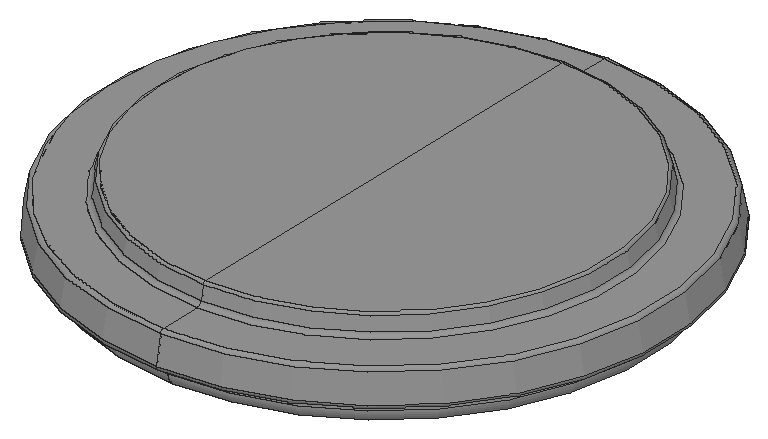
Revit family "FMK12_63_UN_Surface-mounted_ETK", category Lighting Fixtures, Revit 2017 (continued)
Definition of nested family "FMK.1 - Lightsource"
  Types (13, lengths in mm): name | Wattage Comments | Photometric Web File | built-in parameter 1150142 | Apparent Load
      .8598\t146.5115\r\n118.8706\t92.3383\t68.1276\t9.3171\t0\t0\r\n874.5378\t873.9175\t872.3779\t868.9503\t865.1676\t859.9765\t853.6949\t846.5768\t838.0287\t828.8368\r\n818.3167\t806.7896\t794.3636\t780.7231\t765.982\t750.1804\t733.3105\t715.6055\t696.7401\t676.9547\r\n656.4176\t635.157\t613.278\t590.1539\t565.7998\t540.6402\t515.0804\t488.9203\t462.524\t435.1971\r\n407.7246\t379.8676\t352.0546\t322.1473\t291.9089\t261.8783\t232.5325\t203.3486\t174.3388\t147.0682\r\n118.7382\t92.1099\t67.0483\t43.2383\t0\t0\r\n874.5378\t873.9334\t872.4246\t869.3452\t865.2787\t860.0667\t853.7655\t846.6117\t837.9682\t828.5454\r\n818.0558\t806.6887\t794.307\t780.6901\t766.011\t750.3709\t733.4538\t715.8664\t697.1883\t677.4884\r\n656.9203\t635.4375\t613.0895\t590.1056\t566.1701\t541.8378\t516.5027\t490.0542\t462.9828\t435.4052\r\n407.3938\t379.067\t350.3\t321.3812\t292.9522\t263.2956\t232.6391\t202.9178\t174.1166\t145.6013\r\n118.7796\t91.9591\t66.4248\t41.4073\t0\t0\r\n874.5378\t873.947\t872.4625\t869.4116\t865.7616\t860.1917\t853.8846\t846.7134\t837.9955\t828.5499\r\n818.0451\t806.3864\t793.9462\t780.3077\t765.8461\t750.2699\t733.3784\t715.848\t697.1776\t677.5906\r\n657.1561\t635.9826\t613.7896\t590.8444\t566.87\t541.8944\t516.582\t490.5636\t463.7077\t436.7692\r\n408.5758\t379.6875\t350.3553\t320.8016\t291.246\t261.9299\t232.7344\t204.2087\t174.0866\t145.2427\r\n117.7635\t91.6516\t66.4814\t37.4981\t2.8322\t0\r\n874.5378\t873.9582\t872.4918\t869.4632\t865.8595\t860.6426\t854.3434\t847.2064\t838.113\t828.667\r\n818.1733\t806.4333\t793.9155\t780.1986\t765.4431\t749.8349\t732.9491\t715.3369\t696.6975\t677.3617\r\n657.0165\t635.8628\t613.7809\t590.9523\t567.1063\t542.5203\t517.2499\t491.4046\t464.4931\t438.1441\r\n409.014\t380.2252\t351.1283\t321.6166\t291.954\t262.141\t232.0286\t202.521\t173.5147\t145.5857\r\n118.0182\t90.8146\t66.089\t32.9056\t16.0788\t0\r\n874.5378\t873.9669\t872.5119\t869.4994\t865.9235\t860.7336\t854.4679\t847.3617\t838.5356\t829.1396\r\n818.7172\t806.902\t794.3321\t780.5775\t765.5202\t749.8838\t732.9816\t715.2293\t696.5489\t676.9911\r\n656.6095\t635.341\t613.1825\t590.2794\t566.5205\t541.9259\t516.7035\t490.7729\t464.0737\t437.996\r\n409.0361\t380.6701\t351.7751\t322.3888\t292.6678\t262.9546\t233.1098\t203.3714\t173.7676\t145.0215\r\n117.0128\t90.2901\t66.2525\t31.2802\t14.1792\t0\r\n874.5378\t873.9731\t872.5233\t869.5205\t865.9533\t860.7822\t854.5331\t847.4242\t838.6217\t829.2416\r\n818.8479\t807.0426\t794.4546\t780.699\t765.8783\t750.262\t733.3881\t715.5519\t696.8817\t677.3517\r\n656.9619\t635.6228\t613.3851\t590.3905\t566.6775\t541.9891\t516.7234\t490.4951\t463.8178\t436.6018\r\n408.4872\t380.0905\t351.1162\t321.7058\t292.0773\t262.2947\t232.3966\t202.7422\t173.4346\t144.7683\r\n116.9489\t90.1691\t64.9544\t29.757\t11.9206\t8.2894\r\n874.5378\t873.977\t872.5255\t869.5264\t865.9488\t860.7879\t854.5388\t847.3937\t838.6274\t829.223\r\n818.8013\t807.0163\t794.3839\t780.5902\t765.508\t749.8853\t733.0798\t715.2814\t696.6305\t677.1538\r\n656.761\t635.4449\t613.1832\t590.2663\t566.5483\t541.9108\t516.8387\t490.8237\t464.1305\t437.9308\r\n408.9803\t380.5756\t351.6883\t322.2961\t292.7174\t262.9199\t233.06\t203.4103\t173.844\t145.1896\r\n117.1148\t90.3675\t63.427\t27.5124\t15.1312\t0\r\n874.5378\t873.9788\t872.5186\t869.5173\t865.9096\t860.7512\t854.4852\t847.2699\t838.2953\t828.8334\r\n818.342\t806.6627\t794.0228\t780.2256\t765.4141\t749.834\t733.1421\t715.4416\t696.8614\t677.6637\r\n657.3156\t636.06\t613.7774\t590.9371\t567.1891\t542.5667\t517.5589\t491.5417\t464.691\t438.243\r\n409.1526\t380.4136\t351.45\t321.9325\t292.4493\t262.4028\t232.2522\t202.7398\t173.6808\t145.7325\r\n117.9952\t90.7372\t60.352\t33.173\t18.9772\t0\r\n874.5378\t873.9778\t872.5029\t869.493\t865.8362\t860.3544\t854.0989\t846.8077\t838.2698\t828.7984\r\n818.2948\t806.7331\t794.1119\t780.3538\t765.7531\t750.2325\t733.6532\t716.0075\t697.4288\t678.0446\r\n657.6409\t636.3501\t614.022\t591.0646\t567.2182\t542.4063\t517.1673\t490.9688\t464.287\t437.3011\r\n409.0735\t380.035\t350.9205\t321.3021\t291.8372\t262.2846\t233.149\t204.4428\t174.3018\t145.4885\r\n117.9225\t91.6685\t62.5208\t38.0593\t3.4579\t0\r\n874.5378\t873.9746\t872.4784\t869.4538\t865.3784\t860.283\t854.0495\t846.7367\t838.3337\t828.8753\r\n818.3851\t807.1567\t794.5213\t780.7588\t765.9708\t750.4386\t733.8756\t716.1789\t697.5868\t678.1163\r\n657.6119\t636.0367\t613.6703\t590.8022\t567.1021\t542.7619\t517.4401\t490.9663\t463.8758\t436.1167\r\n408.1205\t379.6463\t350.9842\t322.1351\t293.6293\t263.9005\t233.2108\t203.3702\t174.5585\t145.8369\r\n118.8652\t92.1883\t65.722\t42.1865\t0\t0\r\n874.5378\t873.9689\t872.4452\t869.0867\t865.2894\t860.246\t854.0465\t846.7328\t838.4838\t829.2421\r\n818.7199\t807.3816\t794.7066\t780.9222\t766.1144\t750.5594\t733.9659\t716.1432\t697.3688\t677.8244\r\n657.4026\t636.1448\t614.1432\t591.3027\t567.203\t541.7706\t516.3149\t490.0711\t463.6067\t435.926\r\n408.698\t380.8243\t353.0382\t323.0686\t292.7035\t262.6791\t233.3633\t204.0566\t174.7775\t147.3393\r\n119.0712\t92.6315\t67.9046\t45.161\t0\t0\r\n874.5378\t873.9609\t872.4035\t869.0374\t865.2229\t860.2418\t854.0877\t846.7962\t838.8793\t829.4067\r\n818.86\t807.5966\t794.8216\t781.0076\t766.1962\t750.5157\t733.7524\t716.0085\t697.4963\t678.4958\r\n658.0306\t636.3673\t613.1939\t590.1919\t566.1255\t541.3753\t516.2963\t490.5016\t464.4197\t437.3564\r\n410.7641\t381.423\t351.8654\t322.1766\t292.7352\t263.6748\t233.527\t204.2327\t176.2551\t147.0742\r\n119.5606\t93.0248\t68.7803\t9.4833\t0\t0\r\n874.5378\t873.9508\t872.3536\t869.0007\t865.1788\t860.2693\t854.17\t847.0633\t839.0296\t829.5072\r\n819.0503\t807.6609\t794.8623\t781.0041\t766.0112\t750.3218\t733.9679\t716.7867\t698.0525\t678.2815\r\n656.9416\t635.1521\t612.7048\t589.8901\t566.1084\t541.9494\t517.1613\t491.8934\t466.5909\t438.3611\r\n408.9694\t380.5592\t351.8135\t322.867\t293.723\t263.2964\t234.1013\t205.7651\t175.7913\t147.3807\r\n119.7111\t93.5454\t69.2399\t0\t0\t0\r\n874.5378\t873.9384\t871.9377\t868.9761\t865.1574\t860.3264\t854.45\t847.1859\t839.1219\t829.5813\r\n819.1242\t807.6341\t794.8336\t780.823\t766.1784\t750.9876\t734.6983\t716.6325\t696.9068\t677.0601\r\n656.2095\t634.8579\t612.7634\t590.1681\t566.96\t543.2316\t519.2458\t493.1656\t465.1597\t437.4802\r\n408.9133\t380.9682\t353.0332\t323.2628\t293.2823\t264.0848\t235.5313\t205.1134\t176.0698\t147.6612\r\n120.0997\t94.1336\t77.219\t0\t0\t0\r\n874.5378\t873.9237\t871.8891\t868.9635\t865.1599\t860.5875\t854.4203\t847.2729\t839.1707\t829.6225\r\n819.1467\t807.3422\t794.6719\t781.012\t766.9824\t751.1102\t734.2536\t715.3478\t696.2657\t676.671\r\n656.1078\t635.1426\t613.363\t591.0529\t568.5727\t544.9954\t518.3669\t491.6416\t464.5635\t437.4231\r\n409.8609\t382.2833\t352.4484\t323.0813\t294.0333\t265.5351\t234.859\t205.2741\t176.4733\t147.8147\r\n120.592\t94.7697\t20.3975\t0\t0\t0\r\n874.5378\t873.9069\t871.8462\t868.9622\t865.1867\t860.6619\t854.4798\t847.35\t839.175\t829.6322\r\n818.9305\t807.3204\t794.7864\t781.7818\t766.9799\t750.1819\t733.0515\t714.8962\t696.0896\t676.7736\r\n656.574\t635.9452\t614.5512\t593.1203\t569.3971\t543.4377\t517.6236\t491.2766\t464.8901\t438.2239\r\n411.0389\t381.4639\t352.5273\t323.8568\t295.5649\t264.7117\t234.9669\t206.1128\t176.4587\t148.1728\r\n121.1475\t95.3429\t0\t0\t0\t0\r\n874.5378\t873.888\t871.8085\t868.9719\t865.4783\t860.7205\t854.5329\t847.4153\t839.1407\t829.6123\r\n818.9091\t807.4476\t795.424\t781.6948\t765.9445\t749.6137\t732.5543\t714.9076\t696.3763\t677.2287\r\n657.4158\t637.049\t616.4251\t592.3393\t567.674\t542.8985\t517.5289\t491.7208\t466.3318\t438.9898\r\n410.1102\t381.6093\t353.3457\t325.4102\t294.7368\t264.8566\t235.7419\t205.8812\t176.7434\t148.6762\r\n121.7392\t104.3859\t0\t0\t0\t0\r\n874.5378\t873.8669\t871.7765\t869.0411\t865.5428\t860.7626\t854.5825\t847.4711\t839.0748\t829.4742\r\n819.0148\t808.1995\t795.2966\t780.7201\t765.3025\t749.2742\t732.4482\t715.0991\t696.7823\t677.9705\r\n658.6816\t638.5692\t615.2935\t591.3649\t567.178\t542.7068\t517.9269\t493.2946\t466.0359\t438.1726\r\n410.1754\t382.4172\t354.9371\t324.6283\t294.656\t265.2881\t235.787\t205.9863\t177.0189\t149.1951\r\n122.3416\t65.0541\t0\t0\t0\t0\r\n874.5378\t873.8441\t871.7498\t869.0629\t865.6026\t860.7879\t854.6313\t847.5145\t838.7697\t829.5526\r\n819.6703\t808.2392\t794.431\t780.2241\t764.9396\t749.1763\t732.7001\t715.477\t697.6049\t679.204\r\n660.1767\t637.3488\t614.455\t591.0839\t567.3099\t543.1508\t519.5047\t493.0934\t465.5744\t438.1404\r\n410.9263\t384.0134\t354.2434\t324.4076\t295.0481\t266.1412\t235.5757\t206.027\t177.4976\t149.7206\r\n122.8394\t0\t0\t0\t0\t0\r\n874.5378\t873.8193\t871.7287\t869.09\t865.6566\t860.7971\t854.6804\t847.5832\t838.7769\t829.7038\r\n819.7571\t807.957\t793.9167\t779.8365\t764.831\t749.3258\t733.1674\t716.2153\t698.8605\t680.664\r\n658.8685\t636.6472\t614.1125\t591.1727\t567.7811\t544.6978\t518.9383\t492.3961\t465.9146\t438.7951\r\n412.3972\t383.5506\t353.8593\t324.6233\t296.0825\t265.6276\t235.629\t206.3045\t177.849\t150.1762\r\n134.3964\t0\t0\t0\t0\t0\r\n874.5378\t873.4672\t871.7274\t869.2956\t865.7035\t860.7936\t854.7883\t847.3825\t838.8774\t830.3563\r\n819.5862\t806.9481\t793.5541\t779.5287\t764.9091\t749.6363\t733.7737\t717.3249\t700.2917\t679.4111\r\n658.0777\t636.4054\t614.2434\t591.7218\t569.4281\t544.9718\t518.4085\t492.3286\t466.2105\t440.33\r\n412.7811\t382.9961\t353.9558\t325.1714\t295.8615\t265.4456\t235.6806\t206.6048\t178.3224\t150.6523\r\n102.5785\t0\t0\t0\t0\t0\r\n874.5378\t873.4401\t871.7173\t869.3238\t865.7422\t860.6902\t854.8057\t847.3843\t839.0644\t830.3913\r\n819.2263\t806.4739\t793.3232\t779.4771\t765.204\t750.1048\t734.6134\t719.0413\t699.1946\t678.7572\r\n657.7786\t636.4548\t614.6839\t592.7981\t569.8036\t543.9429\t518.4299\t492.6408\t467.1164\t441.3222\r\n412.1629\t382.9242\t354.363\t326.1609\t295.3978\t265.2908\t235.8091\t206.9694\t178.714\t151.0816\r\n16.4563\t0\t0\t0\t0\t0\r\n874.5378\t873.4138\t871.7116\t869.3449\t865.7715\t860.6743\t854.8\t847.4247\t839.8289\t830.2631\r\n818.3839\t806.0908\t793.2106\t779.6495\t765.608\t750.8133\t736.2676\t719.0038\t698.588\t678.3132\r\n657.7516\t636.7851\t615.5568\t593.9746\t569.0263\t543.7566\t518.5811\t493.5773\t468.5791\t440.235\r\n411.6646\t383.3361\t355.0529\t325.4861\t295.2001\t265.2978\t235.9889\t207.2653\t179.1299\t167.2016\r\n0\t0\t0\t0\t0\t0\r\n874.5378\t873.388\t871.7103\t869.359\t865.767\t860.6714\t854.5941\t847.4902\t839.9802\t829.9556\r\n818.0476\t805.8549\t793.231\t779.9196\t766.068\t751.7019\t736.6128\t717.4846\t698.1579\t678.1017\r\n657.9609\t637.4431\t616.9957\t593.0905\t568.6514\t544.0453\t519.3199\t494.542\t468.1655\t439.7323\r\n411.6517\t383.6927\t355.7401\t325.0293\t294.9065\t265.33\t236.252\t207.6392\t179.5292\t147.6012\r\n0\t0\t0\t0\t0\t0\r\n874.5378\t873.3628\t871.7133\t869.367\t865.7819\t860.6818\t854.578\t847.6409\t839.976\t829.0769\r\n817.7793\t805.7366\t793.3272\t780.2618\t766.7399\t753.2234\t735.5318\t716.8703\t697.8507\t678.3095\r\n658.3671\t638.907\t616.998\t592.6721\t568.5879\t544.4314\t520.2455\t495.722\t467.4497\t439.6787\r\n411.8829\t384.7236\t354.8813\t324.6752\t294.8363\t265.4242\t236.4578\t207.9678\t179.89\t101.7886\r\n0\t0\t0\t0\t0\t0\r\n874.5378\t873.3375\t871.7202\t869.3695\t865.7893\t860.7046\t854.5941\t848.3207\t839.8153\t828.7458\r\n817.5538\t805.7674\t793.4941\t780.7405\t767.5979\t753.3675\t734.8562\t716.4755\t697.6867\t678.6478\r\n659.1287\t639.3353\t616.0295\t592.3993\t568.8247\t545.1214\t521.6963\t494.8084\t467.1388\t439.7214\r\n412.4404\t384.9496\t354.3622\t324.3689\t294.7738\t265.5882\t236.7596\t208.3304\t180.2762\t14.3458\r\n0\t0\t0\t0\t0\t0\r\n874.5378\t873.2157\t871.7309\t869.33\t865.7893\t860.7906\t854.6412\t848.3993\t839.5608\t828.5127\r\n817.4249\t805.9432\t793.8046\t781.3431\t768.8548\t752.181\t734.4669\t716.2654\t697.7852\t679.0607\r\n660.5185\t638.5479\t615.5744\t592.4752\t569.1731\t545.9695\t521.9924\t494.2744\t467.1502\t440.0085\r\n413.5179\t384.0228\t353.9409\t324.1965\t294.7825\t265.7218\t237.0205\t208.6863\t194.1384\t0\r\n0\t0\t0\t0\t0\t0\r\n874.5378\t873.1924\t871.745\t869.3283\t865.7799\t860.7988\t854.7231\t848.3936\t838.7774\t828.3145\r\n817.3768\t806.1061\t794.2351\t781.9807\t768.9503\t751.6461\t734.0825\t716.2074\t698.1391\t679.6529\r\n660.7903\t638.0973\t615.377\t592.6746\t569.8192\t547.1783\t520.8821\t494.0849\t467.2355\t440.5474\r\n413.7126\t383.4197\t353.6014\t324.0653\t294.8182\t265.8952\t237.2953\t209.0075\t169.1819\t0\r\n0\t0\t0\t0\t0\t0\r\n874.5378\t873.1708\t871.7622\t869.329\t865.7603\t860.623\t854.8597\t848.3078\t838.4811\t828.1598\r\n817.403\t806.2636\t794.7961\t783.3288\t768.6331\t751.0938\t733.9027\t716.4132\t698.489\t681.0259\r\n659.8625\t637.7241\t615.4549\t593.0025\t570.622\t547.2896\t520.3677\t493.889\t467.5628\t441.6476\r\n412.8069\t382.9351\t353.3115\t323.9564\t294.9005\t266.0943\t237.5632\t209.3026\t127.1484\t0\r\n0\t0\t0\t0\t0\t0\r\n874.5378\t873.1512\t871.7825\t869.3328\t865.7147\t860.6208\t855.0068\t848.1421\t838.2169\t828.0623\r\n817.4834\t806.5411\t795.3501\t783.7165\t767.4221\t750.7458\t733.9114\t716.5965\t699.1549\t681.2032\r\n659.4166\t637.5405\t615.5658\t593.5672\t571.8032\t546.309\t520.1304\t494.0232\t467.8999\t441.9911\r\n412.2266\t382.5708\t353.1215\t323.9378\t294.9995\t266.2751\t237.8466\t209.651\t34.2374\t0\r\n0\t0\t0\t0\t0\t0\r\n874.5378\t873.1334\t871.9802\t869.3402\t865.6805\t860.6232\t855.6352\t847.9462\t837.9798\t828.016\r\n817.6158\t806.9059\t795.8526\t783.7703\t767.0072\t750.5842\t733.8593\t717.0488\t700.3163\t681.0484\r\n659.002\t637.4867\t615.8834\t594.1586\t571.9661\t545.8396\t520.0141\t494.1559\t468.473\t441.8125\r\n411.6292\t382.2166\t352.9923\t323.9438\t295.1128\t266.5115\t238.1403\t227.6042\t1.4798\t0\r\n0\t0\t0\t0\t0\t0\r\n874.5378\t873.1175\t872.0446\t869.3521\t865.6452\t860.6314\t855.6067\t847.2278\t837.7973\t828.0021\r\n817.8095\t807.2626\t797.0688\t782.7336\t766.7002\t750.4991\t734.0522\t717.3901\t700.8602\t680.0024\r\n658.904\t637.5229\t616.2006\t595.356\t571.0708\t545.4832\t519.9965\t494.5633\t469.3931\t440.5303\r\n411.2081\t381.9594\t352.8224\t323.9242\t295.2425\t266.7272\t238.3997\t210.052\t0\t0\r\n0\t0\t0\t0\t0\t0\r\n874.5378\t873.1036\t872.0642\t869.3685\t865.6115\t860.6431\t855.5678\t847.0795\t837.6242\t828.0355\r\n818.0191\t807.6752\t797.3979\t782.2034\t766.565\t750.4455\t734.3476\t717.9317\t700.7877\t679.7333\r\n658.7889\t637.884\t616.6944\t595.6072\t570.5111\t545.3336\t520.0838\t494.9016\t469.5228\t440.0782\r\n410.7192\t381.61\t352.7334\t323.9641\t295.3415\t266.8894\t238.6194\t181.4802\t0\t0\r\n0\t0\t0\t0\t0\t0\r\n874.5378\t873.0917\t872.0791\t869.4099\t865.5746\t860.6565\t855.4951\t846.8496\t837.5359\t828.0866\r\n818.2378\t808.1526\t797.3835\t781.9041\t766.3609\t750.628\t734.5581\t719.1373\t699.913\t679.4029\r\n658.8668\t638.1377\t617.4488\t595.6214\t570.1478\t545.2099\t520.274\t495.2999\t469.1716\t439.4964\r\n410.3924\t381.4989\t352.6823\t323.9587\t295.4397\t267.0881\t238.8428\t144.1059\t0\t0\r\n0\t0\t0\t0\t0\t0\r\n874.5378\t873.0818\t872.0885\t869.4292\t865.5552\t860.6428\t855.4234\t846.5473\t837.5746\t828.1119\r\n818.5424\t808.5824\t797.2617\t781.5603\t766.3478\t750.788\t735.0502\t719.3104\t699.5968\t679.2584\r\n658.8849\t638.5206\t618.5192\t594.7653\t570.0729\t545.2426\t520.5589\t496.3596\t468.0283\t438.9424\r\n410.0281\t381.2846\t352.5975\t324.016\t295.5835\t267.2778\t264.5143\t51.7876\t0\t0\r\n0\t0\t0\t0\t0\t0\r\n874.5378\t873.0738\t872.0925\t869.4491\t865.5428\t860.685\t855.2893\t846.3211\t837.5389\t828.2139\r\n818.8308\t809.695\t796.2605\t781.3022\t766.3078\t751.0794\t735.562\t719.5135\t699.1814\t679.2489\r\n659.0774\t638.8797\t618.7821\t594.3995\t569.8075\t545.355\t520.9104\t496.4276\t467.4837\t438.6307\r\n409.8136\t381.1073\t352.4946\t324.0177\t295.6864\t267.4348\t260.3807\t21.4877\t0\t0\r\n0\t0\t0\t0\t0\t0\r\n874.5378\t873.0681\t872.0903\t869.4696\t865.3772\t860.7529\t855.1206\t846.1309\t837.4028\t828.4413\r\n819.0436\t810.0667\t795.8923\t781.1432\t766.2106\t751.2897\t736.1503\t719.481\t699.0698\t679.1974\r\n659.3571\t639.3832\t618.7602\t594.058\t569.7344\t545.4624\t521.0445\t496.0184\t466.9461\t438.2458\r\n409.5651\t381.0061\t352.5146\t324.1127\t295.8087\t267.5955\t249.1401\t0\t0\t0\r\n0\t0\t0\t0\t0\t0\r\n874.5378\t873.0644\t872.0816\t869.491\t865.3665\t861.4037\t854.8915\t845.9783\t837.3122\t828.5588\r\n819.3538\t810.128\t795.6939\t780.9813\t766.2491\t751.3988\t737.0689\t718.7025\t698.9835\t679.2725\r\n659.585\t639.9514\t618.5966\t593.9136\t569.7455\t545.5787\t522.0189\t495.0722\t466.3965\t437.7083\r\n409.2144\t380.8467\t352.4787\t324.1548\t295.9119\t267.7415\t232.4829\t0\t0\t0\r\n0\t0\t0\t0\t0\t0\r\n874.5378\t873.0627\t872.0662\t869.5619\t865.3675\t861.4813\t854.7347\t845.8179\t837.2641\t828.5514\r\n819.736\t810.1309\t795.4694\t780.9188\t766.29\t751.6191\t737.1738\t718.241\t698.9148\t679.3896\r\n659.8521\t640.7521\t617.6981\t593.8472\t569.8958\t545.9658\t522.4294\t494.5507\t465.9521\t437.4594\r\n409.0673\t380.6976\t352.3698\t324.1023\t295.9466\t267.8584\t211.8319\t0\t0\t0\r\n0\t0\t0\t0\t0\t0\r\n874.5378\t873.0632\t871.968\t869.5738\t865.3757\t861.518\t854.1968\t845.6319\t837.2051\t828.5928\r\n819.8937\t810.1359\t795.2618\t780.8873\t766.3701\t751.8618\t737.1924\t717.9124\t698.6572\t679.3697\r\n660.1058\t640.8816\t617.3338\t593.5982\t569.8688\t546.1501\t522.5484\t494.2469\t465.7775\t437.2977\r\n408.9126\t380.5875\t352.3371\t324.1558\t296.0321\t267.9481\t188.4299\t0\t0\t0\r\n0\t0\t0\t0\t0\t0\r\n874.5378\t873.0659\t871.9442\t869.5721\t865.3915\t861.4588\t854.0981\t845.5674\t837.0828\t828.6511\r\n820.0534\t809.8576\t795.1557\t780.89\t766.5678\t752.0766\t737.0148\t717.6336\t698.5808\t679.4711\r\n660.2355\t640.7368\t617.0185\t593.4382\t569.8584\t546.2934\t522.3795\t493.7472\t465.4037\t437.0908\r\n408.8144\t380.5887\t352.3837\t324.2173\t296.0989\t268.0258\t163.5022\t0\t0\t0\r\n0\t0\t0\t0\t0\t0\r\n874.5378\t873.0706\t871.9234\t869.5567\t865.4632\t861.4473\t853.9744\t845.6463\t837.0801\t828.6255\r\n820.8869\t808.8369\t794.8839\t780.8756\t766.7138\t752.497\t737.0024\t717.4146\t698.4595\t679.4575\r\n660.46\t640.7112\t616.7951\t593.3209\t569.8963\t546.4169\t522.0214\t493.2479\t465.032\t436.8232\r\n408.6251\t380.4595\t352.3175\t324.2201\t296.1581\t296.6392\t78.7455\t0\t0\t0\r\n0\t0\t0\t0\t0\t0\r\n874.5378\t873.0776\t871.9055\t869.5272\t865.4783\t861.4461\t853.782
